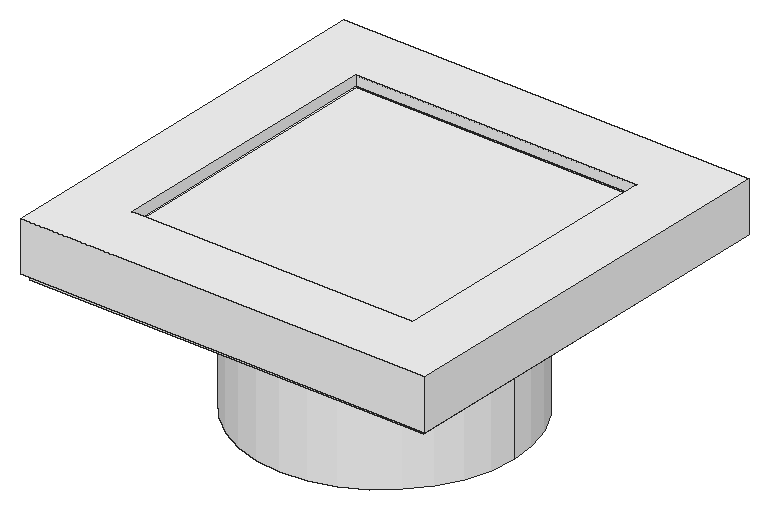
Revit family "Gira_283226", category Electrical Fixtures, host Face, Revit 2017
Family settings
  Host = Face
  Maintain Annotation Orientation = Yes
  Round Connector Dimension = Use Diameter
  Part Type = Normal
  Cut with Voids When Loaded = No
  Shared = No
  Room Calculation Point = No
Parameters (values of type "Rocker sw. 3-g 2-way System 55 c.alum.")
  White [instance] = White
  URL = "http://katalog.gira.de/en/datenblatt.html?artikelnr=283226"
  Name = "Rocker sw. 3-g 2-way System 55 c.alum."
  Model = "Sys55_Komplettgerät_Schalten und Tasten"
  Manufacturer URL = "https://www.gira.de/"
  Manufacturer = "Gira"
  Label space/information surface = "No"
  HeinzeBIM = "https://bimportal.heinze.de/bim/rocker-sw-3-g-2-way-system-55-c-alum-/1a14ee82f03e8149e82701061eb038ba39fd5133"
  HAN = "283226"
  GTIN = "4010337832263"
  Description = "Rock.sw.3g 2-w Sys55 CAl,British Standard rocker switch (BS EN 60669-1) 3-gang with rockers,System 55, Support ring 71 x 71 mm, universal off 2-way switch,colour aluminium,Features:,- With screw terminals.,,Notes :,- For screw mounting only."
  Default Elevation = 1219.2 mm
  Data sheet (1) = "https://katalog.gira.de/en/download.html?artikelnr=283226"
  Category = "Switch"
  BIM (1) = "https://media.stage.bim.site/public/gira/36a6b08/Sys55_Komplettgerät_Schalten und Tasten.rfa?public/gira/36a6b08/Sys55_Komplettgerät_Schalten und Tasten.rfa"
  Available = "No"
Reference planes
  plane 1 "Center (Front/Back)": y = 0
  plane 2: z = 0
  plane 3 "Center (Left/Right)": x = 0
Forms (mm)
  Extrusion 1, solid, material "White" <- "White", detail levels medium
    sketch origin (0, 0, 0) x (1, 0, 0) y (0, 1, 0)
      loop
        line (-40.4, 40.4) -> (-40.4, -40.4) -> (40.4, -40.4) -> (40.4, 40.4) -> (-40.4, 40.4)
      loop
        line (-28, 28) -> (-28, -28) -> (28, -28) -> (28, 28) -> (-28, 28)
    from 0 to 10
  Extrusion 2, solid, material "White" <- "White", detail levels fine
    sketch origin (0, 0, 0) x (1, 0, 0) y (0, 1, 0)
      loop
        line (-40.4, 40.4) -> (-40.4, -40.4) -> (40.4, -40.4) -> (40.4, 40.4) -> (-40.4, 40.4)
      loop
        line (-28, 28) -> (-28, -28) -> (28, -28) -> (28, 28) -> (-28, 28)
    from 0 to 10
  Extrusion 3, void
    sketch origin (0, 0, 0) x (1, 0, 0) y (0, 1, 0)
      loop
        line (-38.4, 38.4) -> (-38.4, -38.4) -> (38.4, -38.4) -> (38.4, 38.4) -> (-38.4, 38.4)
    from 0 to 8
  Extrusion 4, solid, material "White" <- "White", detail levels medium+fine
    sketch origin (0, 0, 0) x (1, 0, 0) y (0, 1, 0)
      loop
        line (-39.4, 39.4) -> (-39.4, -39.4) -> (39.4, -39.4) -> (39.4, 39.4) -> (-39.4, 39.4)
    from 0 to -1
  Extrusion 5, solid, material "White" <- "White", detail levels medium+fine
    sketch origin (0, 0, 0) x (1, 0, 0) y (0, 1, 0)
      loop
        line (-35.5, 35.5) -> (-35.5, -35.5) -> (35.5, -35.5) -> (35.5, 35.5) -> (-35.5, 35.5)
    from -2 to -3
  Extrusion 6, solid, material "White" <- "White", detail levels medium+fine
    sketch origin (0, 0, 0) x (1, 0, 0) y (0, 1, 0)
      loop
        circle (0, 0) r 26
    from 0 to -27.5
  Extrusion 7, solid, material "White" <- "White", detail levels coarse
    sketch origin (0, 0, 0) x (1, 0, 0) y (0, 1, 0)
      loop
        line (-40.4, 40.4) -> (-40.4, -40.4) -> (40.4, -40.4) -> (40.4, 40.4) -> (-40.4, 40.4)
    from -27.5 to 10
Cuts and joins
  Extrusion 3 cuts Extrusion 2
Dimensions and locks
  aligned and locked: plane 2 to host face
  aligned and locked: level to host face
  aligned and locked: plane 3 "Center (Left/Right)" to nested 2
  aligned and locked: plane 1 "Center (Front/Back)" to nested 2
Nested families
  nested 1: "Sys55_Abdeckung_Schalten und Tasten_floor_base" at (0, 0, 0), type "Sys55_Abdeckung_Schalten und Tasten_floor_base"
  nested 2: "Schalter" at (0, 0, 0), type "Schalter"
Connectors
  electrical at (0, 0, -27.5)
    settings: on Extrusion 6, index 1, voltage 220 V, apparent load 0 VA, apparent load phase1 0 VA, apparent load phase2 0 VA, apparent load phase3 0 VA, power factor 1, load classification "Other", number of poles 1, system type 30, power factor state 1, is connector primary yes, connector utility no, sub classification motor no, connector description ""
Definition of nested family "Sys55_Abdeckung_Schalten und Tasten_floor_base"
  Parameters
    Default Elevation = 1219.2 mm
    White [instance] = none
  Reference planes
    plane 1 "Center (Front/Back)": y = 0
    plane 2: z = 0
    plane 3 "Center (Left/Right)": x = 0
  Forms (mm)
    Extrusion 1, solid
      sketch origin (0, 0, 0) x (1, 0, 0) y (0, 1, 0)
        loop
          line (-1219.2, 1219.2) -> (-1219.2, -1219.2) -> (1219.2, -1219.2) -> (1219.2, 1219.2) -> (-1219.2, 1219.2)
      from 0 to -304.8
    Extrusion 2, solid, material <- "White", detail levels fine
      sketch origin (0, 0, 0) x (1, 0, 0) y (0, 1, 0)
        loop
          line (-27.5, 27.5) -> (-27.5, -27.5) -> (27.5, -27.5) -> (27.5, 27.5) -> (-27.5, 27.5)
      from 0 to 8
    Extrusion 3, void
      sketch origin (0, 0, 0) x (1, 0, 0) y (0, 1, 0)
        loop
          line (26, 26) -> (-26, 26) -> (-26, -26) -> (26, -26) -> (26, 26)
      from 0 to 6
    Extrusion 4, solid, material <- "White", detail levels medium
      sketch origin (0, 0, 0) x (1, 0, 0) y (0, 1, 0)
        loop
          line (-27.5, 27.5) -> (-27.5, -27.5) -> (27.5, -27.5) -> (27.5, 27.5) -> (-27.5, 27.5)
      from 0 to 8
    Extrusion 5, solid, material <- "White", detail levels medium
      sketch origin (0, 0, 0) x (1, 0, 0) y (0, 1, 0)
        loop
          line (11, -17.5) -> (11, 17.5) -> (-11, 17.5) -> (-11, -17.5) -> (11, -17.5)
      from -6 to 6
    Extrusion 6, solid, material <- "White", detail levels fine
      sketch origin (0, 0, 0) x (1, 0, 0) y (0, 1, 0)
        loop
          line (11, 17.5) -> (-11, 17.5) -> (-11, 16.5) -> (11, 16.5) -> (11, 17.5)
        loop
          line (-11, -16.5) -> (-11, -17.5) -> (11, -17.5) -> (11, -16.5) -> (-11, -16.5)
      from -4 to 6
    Extrusion 7, solid, material <- "White", detail levels fine
      sketch origin (0, 0, 0) x (1, 0, 0) y (0, 1, 0)
        loop
          arc (5, 9.347) -> (0, 10.6) -> (-5, 9.347) r 10.6
          line (-5, 9.347) -> (-5, -9.347)
          arc (-5, -9.347) -> (0, -10.6) -> (5, -9.347) r 10.6
          line (5, -9.347) -> (5, 9.347)
      from -6 to 6
    Extrusion 8, solid, material <- "White", detail levels coarse
      sketch origin (0, 0, 0) x (1, 0, 0) y (0, 1, 0)
        loop
          line (-27.5, 27.5) -> (-27.5, -27.5) -> (27.5, -27.5) -> (27.5, 27.5) -> (-27.5, 27.5)
      from -6 to 8
  Cuts and joins
    Extrusion 3 cuts Extrusion 2
  Dimensions and locks
    aligned and locked: plane 2 to Extrusion 1
    aligned and locked: level to Extrusion 1
Definition of nested family "Schalter"
  Reference planes
    plane 1: y = 0
    plane 2: x = 0
  Lines and regions (mm)
    detail lines
      curve 1: circle (1.375, 2.778, 0) r 0.8 normal (0, 0, 1)
      curve 2: line (1.021, 2.061, 0) -> (0, 0, 0)
      curve 3: line (0, 0, 0) -> (-0.538, 0.266, 0)
  Dimensions and locks
    curve 2 to curve 2 = 2.3 mm
    curve 3 to curve 2 = 0.6 mm
    radius of curve 1 = 0.8 mm
